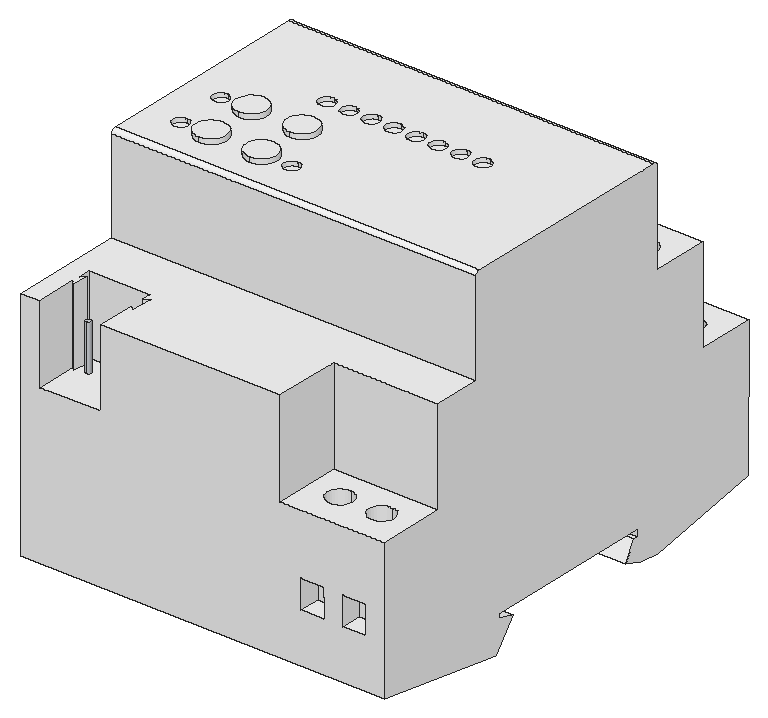
Revit family "Gira_103900", category Electrical Fixtures, host Face, Revit 2017
Family settings
  Host = Face
  Maintain Annotation Orientation = No
  Round Connector Dimension = Use Diameter
  Part Type = Normal
  Cut with Voids When Loaded = No
  Shared = No
  Room Calculation Point = No
Parameters (values of type "Blind act. 4-g AC 230 V man.act. KNX DRA")
  With switch function = no
  URL = "https://www.gira.de/"
  Type Comments = ""
  Suitable for C-load = no
  Output voltage [Volt] = ""
  Output current [Ampere] = ""
  Number of outputs = 0
  Number of inputs = 1
  Number of binary inputs = 0
  Model = ""
  Max. number of venetian-blind outputs = 4
  Max. number of switching contacts = 0
  Manufacturer = "Gira"
  Local operation/hand operation = yes
  Keynote = ""
  HeinzeBIM = "https://www.heinze.de/bim/blind-act-4-g-ac-230-v-man-act-knx-dra/5731a3003bfc5e22ed9e73e750135267efe85297"
  HAN = "103900"
  GTIN = "4010337042211"
  Description = "Blind act.4g AC 230V DRA KNX KNX blind actuator, 4-gang AC 230 V   DC 12 - 48 V with manual actuation,DRA plus Blind actuators with integrated bus coupler, manual activation, and status display for each output. For controlling electrically operated blinds, shutters, awnings, ventilation flaps, or similar hangings.,Features: - Curtain position can be directly controlled. - Slat position can be directly controlled. - Behaviour after bus voltage failure and recovery can be set. - Separately parameterisable movement times with movement time extension for moving into the upper end position. - Central control of all blind outputs possible. - Feedback of the curtain position or slat position. - Feedback can be delayed until after the recovery of bus voltage. - Assignments of up to five different safety functions (three wind alarms, one rain alarm, one frost alarm) or optionally with cyclical monitoring. - Forced setting function can be realised for each blind output. - Integration in scenes is possible, 8 internal scenes at the most can be parameterised per channel. - Memory function for light scenes. - Sun protection function with fixed and variable curtain or slat positions can be activated. - Extended sun protection with extensive control functions. - Integration in temperature management of building possible. - Blocking of individual outputs manually or with bus. - Active or passive (object can be read out) cyclical feedback functions. - Building site operation: Outputs can be operated manually without bus voltage with operating voltage only. - For mains voltage AC 230 V (4 channel) or low voltage DC 12 to 48 V (2 channel). - Connection of various external conductors. - Independent control of the four blind outputs. - Automatic curtain moving time detection for AC 230 V drives with mechanical stop position switches.,Notes : - Installation on DIN top-hat rail. - VDE approval in accordance with EN 60669-1, EN 60669-2-1."
  Default Elevation = 1219.2 mm
  Cost = 0
  Bus connection included = no
  BIMSITE_PRODUCT_ID = "5731a3003bfc5e22ed9e73e750135267efe85297"
  BIM = "https://media.live.bim.site/t/eyJhbGciOiJIUzI1NiIsInR5cCI6IkpXVCJ9.eyJjdCI6MSwidGYiOiJwdWJsaWMvZ2lyYS8wOWY1ZGI1L1JFRyA4Zi5yZmEiLCJjaWQiOiJmZWQ5OGU5YS0xYmQ4LTRjNjgtYTczYi03NGE5NGUzMTU4MjMiLCJyaWQiOiIxYmU2NDNlODdiNzMzN2U0YjVhMzhiZDJmNDg3OWZhMiIsInBpZCI6IjU3MzFhMzAwM2JmYzVlMjJlZDllNzNlNzUwMTM1MjY3ZWZlODUyOTciLCJzaWQiOiI2MzQ3MCIsInV0Ijo1LCJsYyI6ImVuIiwiaWF0IjoxNjA3NDMxMTU4LCJpc3MiOiJodHRwczovL2FwaS5saXZlLmJpbS5zaXRlIiwic3ViIjoiOGQzYWE1Y2ItZTA2Ni00NTk4LWJlMTYtNmUxNmVlNzQ5NTZhIn0.40ivbJcmbYxKDZgQy1K5lbQwDdheo0TlrGnzmVOeKoo/REG 8f.rfa"
  Assembly Code = ""
Reference planes
  plane 1 "Center (Front/Back)": y = 0
  plane 2: z = 0
  plane 3 "Center (Left/Right)": x = 0
Forms (mm)
  Extrusion 1, solid, material "White", detail levels fine
    sketch origin (0, 0, 0) x (0, 1, 0) y (0, 0, 1)
      loop
        line (45.125, -2.619) -> (45.125, 24.95) -> (33.875, 24.95) -> (33.875, 43.8) -> (22.575, 43.8) -> (22.575, 62.05)
        arc (22.575, 62.05) -> (22.311, 62.686) -> (21.675, 62.95) r 0.9
        line (21.675, 62.95) -> (-21.175, 62.95)
        arc (-21.175, 62.95) -> (-21.785, 62.758) -> (-22.175, 62.25) r 1.064
        line (-22.175, 62.25) -> (-22.175, 43.8) -> (-44.725, 43.8) -> (-44.725, -2.619)
        arc (-44.725, -2.619) -> (-31.081, -5.433) -> (-17.243, -7.049) r 160
        line (-17.243, -7.049) -> (-13.165, -1.734) -> (-16.399, -0.807) -> (-16.399, 0) -> (17.8, 0) -> (17.8, -1.4) -> (16.8, -1.4) -> (14.749, -4.952)
        arc (14.749, -4.952) -> (18.64, -6.184) -> (22.7, -6.6) r 20
        arc (22.7, -6.6) -> (33.983, -5.009) -> (45.125, -2.619) r 160
    from -36 to 36
  Extrusion 2, void, detail levels fine
    sketch origin (0, 0, 0) x (1, 0, 0) y (0, 1, 0)
      loop
        circle (30, 26.925) r 2.55
      loop
        circle (21.75, 26.925) r 2.55
      loop
        circle (12.75, 26.925) r 2.55
      loop
        circle (4.5, 26.925) r 2.55
      loop
        circle (-4.5, 26.925) r 2.55
      loop
        circle (-12.75, 26.925) r 2.55
      loop
        circle (-21.75, 26.925) r 2.55
      loop
        circle (-30, 26.925) r 2.55
    from 37.936 to 43.8
  Extrusion 3, void, detail levels fine
    sketch origin (0, 11.25, -18.85) x (1, 0, 0) y (0, 1, 0)
      loop
        circle (30, 26.925) r 2.55
      loop
        circle (21.75, 26.925) r 2.55
      loop
        circle (12.75, 26.925) r 2.55
      loop
        circle (4.5, 26.925) r 2.55
      loop
        circle (-4.5, 26.925) r 2.55
      loop
        circle (-12.75, 26.925) r 2.55
      loop
        circle (-21.75, 26.925) r 2.55
      loop
        circle (-30, 26.925) r 2.55
    from 37.936 to 43.8
  Extrusion 4, void, detail levels fine
    sketch origin (0, 0, 0) x (1, 0, 0) y (0, 1, 0)
      loop
        circle (-13, -3.875) r 3
      loop
        circle (-23, -3.875) r 3
      loop
        circle (-23, -13.875) r 3
      loop
        circle (-13, -13.875) r 3
      loop
        circle (-29, -3.875) r 1.575
      loop
        circle (-29, -13.875) r 1.575
      loop
        circle (-7, -13.875) r 1.575
      loop
        circle (-15.4, 5.325) r 1.625
      loop
        circle (-11, 5.325) r 1.575
      loop
        circle (-6.6, 5.325) r 1.625
      loop
        circle (-2.2, 5.325) r 1.625
      loop
        circle (2.2, 5.325) r 1.625
      loop
        circle (6.6, 5.325) r 1.625
      loop
        circle (11, 5.325) r 1.575
      loop
        circle (15.4, 5.325) r 1.625
    from 58.253 to 62.95
  Extrusion 5, void, detail levels fine
    sketch origin (0, 0, 0) x (1, 0, 0) y (0, 1, 0)
      loop
        line (-32.175, -32.6) -> (-32.175, -34.9) -> (-31.24, -34.36) -> (-31.401, -37.165) -> (-32.175, -36.7) -> (-32.175, -44.875) -> (-20.175, -44.875) -> (-20.175, -37.33) -> (-19.075, -37.965) -> (-19.075, -33.635) -> (-20.175, -34.27) -> (-20.175, -32.6) -> (-32.175, -32.6)
    from 28.5 to 43.8
  Extrusion 6, solid, detail levels fine
    sketch origin (0, 0, 0) x (1, 0, 0) y (0, 1, 0)
      loop
        circle (-29.375, -36.2) r 0.5
      loop
        circle (-23.575, -36.2) r 0.5
    from 28.5 to 37.5
  Extrusion 7, void, detail levels fine
    sketch origin (0, 0, 0) x (1, 0, 0) y (0, 1, 0)
      loop
        line (15.289, -31.489) -> (15.289, -44.875) -> (36, -44.875) -> (36, -31.489) -> (15.289, -31.489)
    from 25 to 43.8
  Extrusion 8, void, detail levels fine
    sketch origin (0, 0, 0) x (1, 0, 0) y (0, 1, 0)
      loop
        circle (21.75, -37.925) r 2.55
      loop
        circle (30, -37.925) r 2.55
    from 19.086 to 24.95
  Extrusion 9, void, detail levels fine
    sketch origin (0, 0, 0) x (1, 0, 0) y (0, 0, 1)
      loop
        line (32.368, 26.75) -> (32.35, 28.865) -> (32.319, 32.45) -> (27.731, 32.45) -> (27.682, 26.75) -> (32.368, 26.75)
      loop
        line (24.118, 26.75) -> (24.1, 28.865) -> (24.069, 32.45) -> (19.481, 32.45) -> (19.432, 26.75) -> (24.118, 26.75)
      loop
        line (15.118, 26.75) -> (15.1, 28.865) -> (15.069, 32.45) -> (10.481, 32.45) -> (10.432, 26.75) -> (15.118, 26.75)
      loop
        line (6.868, 26.75) -> (6.85, 28.865) -> (6.819, 32.45) -> (2.231, 32.45) -> (2.182, 26.75) -> (6.868, 26.75)
      loop
        line (-2.182, 26.75) -> (-2.2, 28.865) -> (-2.231, 32.45) -> (-6.819, 32.45) -> (-6.868, 26.75) -> (-2.182, 26.75)
      loop
        line (-10.432, 26.75) -> (-10.45, 28.865) -> (-10.481, 32.45) -> (-15.069, 32.45) -> (-15.118, 26.75) -> (-10.432, 26.75)
      loop
        line (-19.35, 26.75) -> (-19.369, 28.865) -> (-19.4, 32.45) -> (-23.987, 32.45) -> (-24.037, 26.75) -> (-19.35, 26.75)
      loop
        line (-27.682, 26.75) -> (-27.7, 28.865) -> (-27.731, 32.45) -> (-32.319, 32.45) -> (-32.368, 26.75) -> (-27.682, 26.75)
    from -29.206 to -33.875
  Extrusion 10, void, detail levels fine
    sketch origin (0, 11.25, -19.567) x (1, 0, 0) y (0, 0, 1)
      loop
        line (32.368, 26.75) -> (32.35, 28.865) -> (32.319, 32.45) -> (27.731, 32.45) -> (27.682, 26.75) -> (32.368, 26.75)
      loop
        line (24.118, 26.75) -> (24.1, 28.865) -> (24.069, 32.45) -> (19.481, 32.45) -> (19.432, 26.75) -> (24.118, 26.75)
      loop
        line (15.118, 26.75) -> (15.1, 28.865) -> (15.069, 32.45) -> (10.481, 32.45) -> (10.432, 26.75) -> (15.118, 26.75)
      loop
        line (6.868, 26.75) -> (6.85, 28.865) -> (6.819, 32.45) -> (2.231, 32.45) -> (2.182, 26.75) -> (6.868, 26.75)
      loop
        line (-2.182, 26.75) -> (-2.2, 28.865) -> (-2.231, 32.45) -> (-6.819, 32.45) -> (-6.868, 26.75) -> (-2.182, 26.75)
      loop
        line (-10.432, 26.75) -> (-10.45, 28.865) -> (-10.481, 32.45) -> (-15.069, 32.45) -> (-15.118, 26.75) -> (-10.432, 26.75)
      loop
        line (-19.35, 26.75) -> (-19.369, 28.865) -> (-19.4, 32.45) -> (-23.987, 32.45) -> (-24.037, 26.75) -> (-19.35, 26.75)
      loop
        line (-27.682, 26.75) -> (-27.7, 28.865) -> (-27.731, 32.45) -> (-32.319, 32.45) -> (-32.368, 26.75) -> (-27.682, 26.75)
    from -29.206 to -33.875
  Extrusion 11, void, detail levels fine
    sketch origin (0, 0, 0) x (1, 0, 0) y (0, 0, 1)
      loop
        line (32.319, 12.883) -> (27.731, 12.883) -> (27.682, 7.183) -> (32.368, 7.183) -> (32.35, 9.298) -> (32.319, 12.883)
      loop
        line (24.069, 12.883) -> (19.481, 12.883) -> (19.432, 7.183) -> (24.118, 7.183) -> (24.1, 9.298) -> (24.069, 12.883)
    from 40.588 to 44.725
  Extrusion 12, solid, material "White", detail levels fine
    sketch origin (0, 0, 0) x (1, 0, 0) y (0, 1, 0)
      loop
        circle (-15.4, 5.325) r 1.625
      loop
        circle (-11, 5.325) r 1.575
      loop
        circle (-6.6, 5.325) r 1.625
      loop
        circle (-2.2, 5.325) r 1.625
      loop
        circle (2.2, 5.325) r 1.625
      loop
        circle (6.6, 5.325) r 1.625
      loop
        circle (11, 5.325) r 1.575
      loop
        circle (15.4, 5.325) r 1.625
      loop
        circle (-29, -3.875) r 1.575
      loop
        circle (-29, -13.875) r 1.575
      loop
        circle (-7, -13.875) r 1.575
    from 58.253 to 62.25
  Extrusion 13, solid, material "White", detail levels fine
    sketch origin (0, 0, 0) x (1, 0, 0) y (0, 1, 0)
      loop
        circle (-23, -3.875) r 3
      loop
        circle (-13, -3.875) r 3
      loop
        circle (-23, -13.875) r 3
      loop
        circle (-13, -13.875) r 3
    from 58.253 to 63.841
  Extrusion 14, solid, material "White", detail levels medium
    sketch origin (0, 0, 0) x (0, 1, 0) y (0, 0, 1)
      loop
        line (45.125, -7.049) -> (45.125, 24.95) -> (33.875, 24.95) -> (33.875, 43.8) -> (22.575, 43.8) -> (22.575, 63.841) -> (-22.175, 63.841) -> (-22.175, 43.8) -> (-44.725, 43.8) -> (-44.725, -7.049) -> (45.125, -7.049)
    from -36 to 36
  Extrusion 15, solid, material "White", detail levels coarse
    sketch origin (0, 0, 0) x (0, 1, 0) y (0, 0, 1)
      loop
        line (45.125, -7.049) -> (45.125, 63.841) -> (-44.725, 63.841) -> (-44.725, -7.049) -> (45.125, -7.049)
    from -36 to 36
Cuts and joins
  Extrusion 2, Extrusion 3, Extrusion 4, Extrusion 5, Extrusion 7, Extrusion 8, Extrusion 9, Extrusion 10, Extrusion 11 cuts Extrusion 1
Dimensions and locks
  aligned and locked: plane 2 to host face
  aligned and locked: level to host face
